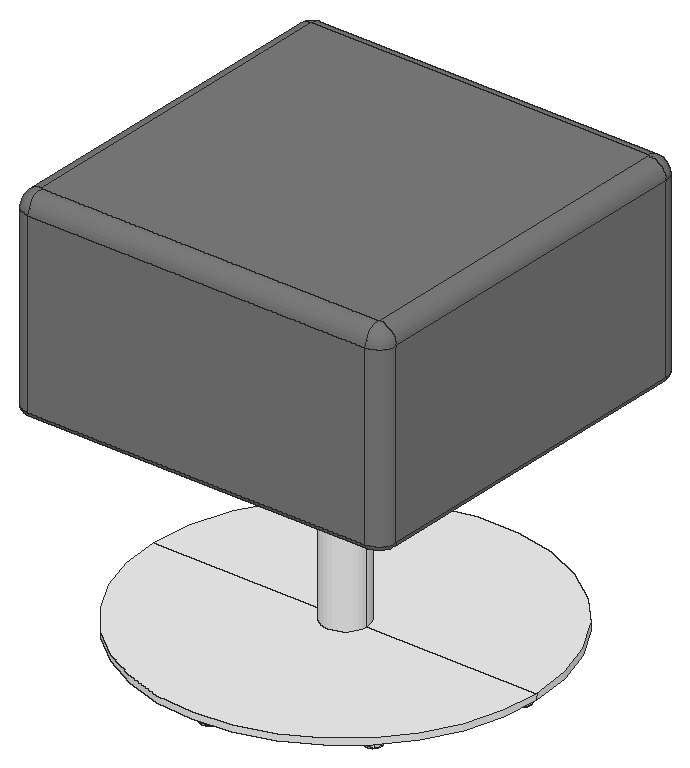
Revit family "Ottoman-Soft_Seating-Allermuir-Jaks-JA2", category Furniture, Revit 2012
Parameters (values of type "JA2")
  ecoScorecard_data = "http://thesenatorgroup.ecoscorecard.com/product/JA2"
  ecoScorecard Product Page = "http://products.ecoscorecard.com/allermuir/JA2?action=html"
  White Plastic Back Membrane = no
  Weight = 0.0 lbf
  URL = "http://www.allermuir.net/Default.aspx"
  Thickness = 9 3/256"
  Subcategory = "Soft Seating"  # constant formula
  Specifications URL = "http://www.allermuir.net/Services/File.ashx?Id=4466"
  Plugin Data URL = "http://products.ecoscorecard.com/thesenatorgroup/JA2"
  Bench = Fabric - Allermuir - Silcoates
  Product Page URL = "http://www.allermuir.net/Products.aspx?RangeId=73"
  Product Line = "Jaks"  # constant formula
  Pricing URL = "http://www.allermuir.net/Services/File.ashx?Id=4312"
  Overall Width = 16.92913"
  Overall Height = 18 29/32"
  Overall Depth = 16.92913"
  Model = "JA2"  # constant formula
  Manufacturer Phone - Toll Free = "(888) 887 5806"  # constant formula
  Manufacturer Phone = "(419) 887 5806"  # constant formula
  Manufacturer Fax = "(419) 887 5805"  # constant formula
  Manufacturer Email = "mailto:contact@allermuir-na.com"
  Manufacturer Address = "1630 Holland Road, Maumee, Ohio 43537 "  # constant formula
  Manufacturer = "Allermuir"
  Leg Base = Metal - Allermuir - Chrome - Polished
  LEED Stats URL = "http://www.allermuir.net/Services/File.ashx?Id=4417"
  Fabric Spec Sheets = "http://www.allermuir.net/Services/File.ashx?Type=B&Id=51"
  Description = ""
  Color Availability = "See price list for material options"
  CAD Blocks URL = "http://www.allermuir.net/Services/File.ashx?Id=4528"
  Brochure URL = "http://www.allermuir.net/Services/File.ashx?Id=4354"
  Base = Metal - Allermuir - Chrome - Polished
  Assembly Code = "E2020200"
  95 CSI = "12510"  # constant formula
  04 CSI = "12 51 00"  # constant formula
Reference planes (in)
  plane 1 "Center Front/Back": y = 0
  plane 2: z = 0
  plane 3 "Center Left/Right": x = 0
  plane 4: y = 8.46457
  plane 5: y = -8.46457
  plane 6: x = -8.46457
  plane 7: x = 8.46457
  plane 8: z = 18.90625
  plane 9: z = 9.89453
Dimensions and locks (in)
  equal spacing: plane 6, plane 3 "Center Left/Right", plane 7
  "Overall Width": plane 6 to plane 7
  "Overall Height": plane 8 to level
  "Thickness": plane 8 to plane 9
  equal spacing: plane 4, plane 1 "Center Front/Back", plane 5
  "Overall Depth": plane 5 to plane 4
  aligned and locked: plane 3 "Center Left/Right" to nested 1
  aligned and locked: plane 1 "Center Front/Back" to nested 1
Nested families (in)
  nested 1: "JA2" at (0, 0, 0), type "JA2"
Definition of nested family "JA2"
  Parameters (values of type "JA2")
    Width = 16.92913"
    Table Thickness = 9 3/256"
    Leg Base = Fabric - Allermuir - Upholstery - Lola - Smooth - Black
    JA2_3 = yes
    Base = Metal - Allermuir - Upholstery - Stainless - Brushed
    Height = 18 29/32"
    Depth = 16.92913"
    Default Elevation = 0"
    Table Top = Fabric - Allermuir - Upholstery - Pebbled - Smooth - Dark Gray
    Assembly Code = ""
  Reference planes (in)
    plane 1 "Center Front/Back": y = 0
    plane 2: z = 0
    plane 3 "Center Left/Right": x = 0
    plane 4: x = -8.46457
    plane 5: x = 8.46457
    plane 6: z = 18.90625
    plane 7: y = 8.46457
    plane 8: y = -8.46457
    plane 9: z = 9.89453
  Forms (in)
    Extrusion 1, solid, material "Fabric - Allermuir - Upholstery - Pebbled - Smooth - Dark Gray" <- "Table Top"
      sketch origin (0, 0, 0) x (1, 0, 0) y (0, 1, 0)
        loop
          arc (-7.68493, 8.46457) -> (-8.23622, 8.23622) -> (-8.46457, 7.68493) r 0.77963
          line (-8.46457, 7.68493) -> (-8.46457, -7.68332)
          arc (-8.46457, -7.68332) -> (-8.23574, -8.23574) -> (-7.68332, -8.46457) r 0.78125
          line (-7.68332, -8.46457) -> (7.68332, -8.46457)
          arc (7.68332, -8.46457) -> (8.23574, -8.23574) -> (8.46457, -7.68332) r 0.78125
          line (8.46457, -7.68332) -> (8.46457, 7.68332)
          arc (8.46457, 7.68332) -> (8.23574, 8.23574) -> (7.68332, 8.46457) r 0.78125
          line (7.68332, 8.46457) -> (-7.68493, 8.46457)
      from 9.89453 to 18.90625
    Sweep 2, void
      path in 3D
        loop
          arc (-8.46457, -7.68332, 18.90625) -> (-8.23574, -8.23574, 18.90625) -> (-7.68332, -8.46457, 18.90625) r 0.78125
          line (-7.68332, -8.46457, 18.90625) -> (7.68332, -8.46457, 18.90625)
          arc (7.68332, -8.46457, 18.90625) -> (8.23574, -8.23574, 18.90625) -> (8.46457, -7.68332, 18.90625) r 0.78125
          line (8.46457, -7.68332, 18.90625) -> (8.46457, 7.68332, 18.90625)
          arc (8.46457, 7.68332, 18.90625) -> (8.23574, 8.23574, 18.90625) -> (7.68332, 8.46457, 18.90625) r 0.78125
          line (7.68332, 8.46457, 18.90625) -> (-7.68493, 8.46457, 18.90625)
          arc (-7.68493, 8.46457, 18.90625) -> (-8.23622, 8.23622, 18.90625) -> (-8.46457, 7.68493, 18.90625) r 0.77963
          line (-8.46457, 7.68493, 18.90625) -> (-8.46457, -7.68332, 18.90625)
      profile origin (-8.46457, 0.00081, 18.90625) x (1, 0, 0) y (0, 0, 1)
        loop
          line (0.76562, 0) -> (0, 0) -> (0, -0.76562)
          arc (0, -0.76562) -> (0.22425, -0.22425) -> (0.76562, 0) r 0.76562
    Sweep 3, void
      path in 3D
        loop
          arc (8.46457, -7.68332, 9.89453) -> (8.23574, -8.23574, 9.89453) -> (7.68332, -8.46457, 9.89453) r 0.78125
          line (7.68332, -8.46457, 9.89453) -> (-7.68332, -8.46457, 9.89453)
          arc (-7.68332, -8.46457, 9.89453) -> (-8.23574, -8.23574, 9.89453) -> (-8.46457, -7.68332, 9.89453) r 0.78125
          line (-8.46457, -7.68332, 9.89453) -> (-8.46457, 7.68493, 9.89453)
          arc (-8.46457, 7.68493, 9.89453) -> (-8.23622, 8.23622, 9.89453) -> (-7.68493, 8.46457, 9.89453) r 0.77963
          line (-7.68493, 8.46457, 9.89453) -> (7.68332, 8.46457, 9.89453)
          arc (7.68332, 8.46457, 9.89453) -> (8.23574, 8.23574, 9.89453) -> (8.46457, 7.68332, 9.89453) r 0.78125
          line (8.46457, 7.68332, 9.89453) -> (8.46457, -7.68332, 9.89453)
      profile origin (8.46457, 0, 9.89453) x (-1, 0, 0) y (0, 0, -1)
        loop
          arc (0, -0.19513) -> (0.05715, -0.05715) -> (0.19513, 0) r 0.19513
          line (0.19513, 0) -> (0, 0) -> (0, -0.19513)
    Revolve 4, solid, material "Metal - Allermuir - Upholstery - Stainless - Brushed" <- "Base", visible <- "JA2_3"
      sketch origin (0, 0, -0.03125) x (1, 0, 0) y (0, 0, 1)
        loop
          line (-8.75203, 0.43307) -> (0, 0.43307) -> (0, 9.92578) -> (-4.42913, 9.92578) -> (-4.42913, 9.73323) -> (-0.98425, 9.53132) -> (-0.98425, 0.70866) -> (-8.75203, 0.70866) -> (-8.75203, 0.43307)
        axis (0, 0.43307) -> (0, 9.92578)
      angle from 0 to 360
    Revolve 5, solid, material "Fabric - Allermuir - Upholstery - Lola - Smooth - Black" <- "Leg Base"
      sketch origin (-0.00012, 0.04688, 0) x (0, 1, 0) y (0, 0, 1)
        loop
          line (7.50815, 0.40182) -> (7.55581, 0.07588)
          arc (7.55581, 0.07588) -> (7.58557, 0.0216) -> (7.64358, 0) r 0.08871
          line (7.64358, 0) -> (7.91995, 0) -> (7.91995, 0.40182) -> (7.50815, 0.40182)
        axis (7.91995, 0.40182) -> (7.91995, 0)
      angle from 0 to 360
    Revolve 6, solid, material "Fabric - Allermuir - Upholstery - Lola - Smooth - Black" <- "Leg Base"
      sketch origin (0.06131, 0.09494, 0) x (0.707107, 0.707107, 0) y (0, 0, 1)
        loop
          line (7.50815, 0.40182) -> (7.55581, 0.07588)
          arc (7.55581, 0.07588) -> (7.58557, 0.0216) -> (7.64358, 0) r 0.08871
          line (7.64358, 0) -> (7.91995, 0) -> (7.91995, 0.40182) -> (7.50815, 0.40182)
        axis (7.91995, 0.40182) -> (7.91995, 0)
      angle from 0 to 360
    Revolve 7, solid, material "Fabric - Allermuir - Upholstery - Lola - Smooth - Black" <- "Leg Base"
      sketch origin (0.125, 0.07824, 0) x (1, 0, 0) y (0, 0, 1)
        loop
          line (7.50815, 0.40182) -> (7.55581, 0.07588)
          arc (7.55581, 0.07588) -> (7.58557, 0.0216) -> (7.64358, 0) r 0.08871
          line (7.64358, 0) -> (7.91995, 0) -> (7.91995, 0.40182) -> (7.50815, 0.40182)
        axis (7.91995, 0.40182) -> (7.91995, 0)
      angle from 0 to 360
    Revolve 8, solid, material "Fabric - Allermuir - Upholstery - Lola - Smooth - Black" <- "Leg Base"
      sketch origin (0.15744, 0.01682, 0) x (0.707107, -0.707107, 0) y (0, 0, 1)
        loop
          line (7.50815, 0.40182) -> (7.55581, 0.07588)
          arc (7.55581, 0.07588) -> (7.58557, 0.0216) -> (7.64358, 0) r 0.08871
          line (7.64358, 0) -> (7.91995, 0) -> (7.91995, 0.40182) -> (7.50815, 0.40182)
        axis (7.91995, 0.40182) -> (7.91995, 0)
      angle from 0 to 360
    Revolve 9, solid, material "Fabric - Allermuir - Upholstery - Lola - Smooth - Black" <- "Leg Base"
      sketch origin (0.14074, -0.05469, 0) x (0, -1, 0) y (0, 0, 1)
        loop
          line (7.50815, 0.40182) -> (7.55581, 0.07588)
          arc (7.55581, 0.07588) -> (7.58557, 0.0216) -> (7.64358, 0) r 0.08871
          line (7.64358, 0) -> (7.91995, 0) -> (7.91995, 0.40182) -> (7.50815, 0.40182)
        axis (7.91995, 0.40182) -> (7.91995, 0)
      angle from 0 to 360
    Revolve 10, solid, material "Fabric - Allermuir - Upholstery - Lola - Smooth - Black" <- "Leg Base"
      sketch origin (0.07932, -0.09494, 0) x (-0.707107, -0.707107, 0) y (0, 0, 1)
        loop
          line (7.50815, 0.40182) -> (7.55581, 0.07588)
          arc (7.55581, 0.07588) -> (7.58557, 0.0216) -> (7.64358, 0) r 0.08871
          line (7.64358, 0) -> (7.91995, 0) -> (7.91995, 0.40182) -> (7.50815, 0.40182)
        axis (7.91995, 0.40182) -> (7.91995, 0)
      angle from 0 to 360
    Revolve 11, solid, material "Fabric - Allermuir - Upholstery - Lola - Smooth - Black" <- "Leg Base"
      sketch origin (0.01562, -0.07824, 0) x (-1, 0, 0) y (0, 0, 1)
        loop
          line (7.50815, 0.40182) -> (7.55581, 0.07588)
          arc (7.55581, 0.07588) -> (7.58557, 0.0216) -> (7.64358, 0) r 0.08871
          line (7.64358, 0) -> (7.91995, 0) -> (7.91995, 0.40182) -> (7.50815, 0.40182)
        axis (7.91995, 0.40182) -> (7.91995, 0)
      angle from 0 to 360
    Revolve 12, solid, material "Fabric - Allermuir - Upholstery - Lola - Smooth - Black" <- "Leg Base"
      sketch origin (-0.01682, -0.01682, 0) x (-0.707107, 0.707107, 0) y (0, 0, 1)
        loop
          line (7.50815, 0.40182) -> (7.55581, 0.07588)
          arc (7.55581, 0.07588) -> (7.58557, 0.0216) -> (7.64358, 0) r 0.08871
          line (7.64358, 0) -> (7.91995, 0) -> (7.91995, 0.40182) -> (7.50815, 0.40182)
        axis (7.91995, 0.40182) -> (7.91995, 0)
      angle from 0 to 360
  Cuts and joins
    Sweep 2, Sweep 3 cuts Extrusion 1
  Lines and regions (in)
    sketch lines
      curve 1: line (-8.46457, 7.68493, 18.90625) -> (-8.46457, -7.68332, 18.90625)
      curve 2: arc (-7.68332, -8.46457, 18.90625) -> (-8.23574, -8.23574, 18.90625) -> (-8.46457, -7.68332, 18.90625) r 0.78125
      curve 3: line (-7.68332, -8.46457, 18.90625) -> (7.68332, -8.46457, 18.90625)
      curve 4: arc (8.46457, -7.68332, 18.90625) -> (8.23574, -8.23574, 18.90625) -> (7.68332, -8.46457, 18.90625) r 0.78125
      curve 5: line (8.46457, -7.68332, 18.90625) -> (8.46457, 7.68332, 18.90625)
      curve 6: line (7.68332, 8.46457, 18.90625) -> (-7.68493, 8.46457, 18.90625)
      curve 7: arc (-8.46457, 7.68493, 18.90625) -> (-8.23622, 8.23622, 18.90625) -> (-7.68493, 8.46457, 18.90625) r 0.77963
      curve 8: arc (7.68332, 8.46457, 18.90625) -> (8.23574, 8.23574, 18.90625) -> (8.46457, 7.68332, 18.90625) r 0.78125
      curve 9: line (8.46457, 7.68332, 9.89453) -> (8.46457, -7.68332, 9.89453)
      curve 10: arc (7.68332, -8.46457, 9.89453) -> (8.23574, -8.23574, 9.89453) -> (8.46457, -7.68332, 9.89453) r 0.78125
      curve 11: line (7.68332, -8.46457, 9.89453) -> (-7.68332, -8.46457, 9.89453)
      curve 12: arc (-8.46457, -7.68332, 9.89453) -> (-8.23574, -8.23574, 9.89453) -> (-7.68332, -8.46457, 9.89453) r 0.78125
      curve 13: line (-8.46457, -7.68332, 9.89453) -> (-8.46457, 7.68493, 9.89453)
      curve 14: arc (8.46457, 7.68332, 9.89453) -> (8.23574, 8.23574, 9.89453) -> (7.68332, 8.46457, 9.89453) r 0.78125
      curve 15: line (-7.68493, 8.46457, 9.89453) -> (7.68332, 8.46457, 9.89453)
      curve 16: arc (-7.68493, 8.46457, 9.89453) -> (-8.23622, 8.23622, 9.89453) -> (-8.46457, 7.68493, 9.89453) r 0.77963
    symbolic lines, style "Table Top"
      curve 17: line (-7.68332, 8.46457, 0) -> (7.68332, 8.46457, 0)
      curve 18: line (-8.46457, 7.68332, 0) -> (-8.46457, -7.68332, 0)
      curve 19: line (-7.68332, -8.46457, 0) -> (7.68315, -8.46457, 0)
      curve 20: line (8.46457, 7.68332, 0) -> (8.46457, -7.68315, 0)
      curve 21: arc (7.68315, -8.46457, 0) -> (8.23569, -8.23569, 0) -> (8.46457, -7.68315, 0) r 0.78142
      curve 22: arc (7.68332, 8.46457, 0) -> (8.23574, 8.23574, 0) -> (8.46457, 7.68332, 0) r 0.78125
      curve 23: arc (-7.68332, 8.46457, 0) -> (-8.23574, 8.23574, 0) -> (-8.46457, 7.68332, 0) r 0.78125
      curve 24: arc (-7.68332, -8.46457, 0) -> (-8.23574, -8.23574, 0) -> (-8.46457, -7.68332, 0) r 0.78125
    symbolic lines, style "Base"
      curve 25: arc (-8.46457, -2.2552, 0) -> (-8.75984, 0, 0) -> (-8.46457, 2.2552, 0) r 8.75984
      curve 26: arc (2.2552, -8.46457, 0) -> (0, -8.75984, 0) -> (-2.2552, -8.46457, 0) r 8.75984
      curve 27: arc (8.46457, 2.2552, 0) -> (8.75984, 0, 0) -> (8.46457, -2.2552, 0) r 8.75984
      curve 28: arc (-2.2552, 8.46457, 0) -> (0, 8.75984, 0) -> (2.2552, 8.46457, 0) r 8.75984
  Dimensions and locks (in)
    equal spacing: plane 4, plane 3 "Center Left/Right", plane 5
    "Width": plane 4 to plane 5
    "Height": plane 6 to level
    equal spacing: plane 7, plane 1 "Center Front/Back", plane 8
    "Depth": plane 7 to plane 8
    "Table Thickness": plane 6 to plane 9
    aligned and locked: plane 6 to Extrusion 1
    aligned and locked: Extrusion 1 to plane 9
    aligned and locked: Revolve 4 sketch curve to Revolve 4 sketch curve
    aligned and locked: Revolve 4 sketch curve to plane 9
    aligned and locked: Revolve 5 sketch curve to Revolve 5 sketch curve
    aligned and locked: Revolve 6 sketch curve to Revolve 6 sketch curve
    aligned and locked: Revolve 7 sketch curve to Revolve 7 sketch curve
    aligned and locked: Revolve 8 sketch curve to Revolve 8 sketch curve
    aligned and locked: Revolve 9 sketch curve to Revolve 9 sketch curve
    aligned and locked: Revolve 10 sketch curve to Revolve 10 sketch curve
    aligned and locked: Revolve 11 sketch curve to Revolve 11 sketch curve
    aligned and locked: Revolve 12 sketch curve to Revolve 12 sketch curve
  Automatic sketch dimensions
    Extrusion 1 sketch curve to plane 4 = 0"
    Extrusion 1 sketch curve to plane 7 = 0"
    plane 8 to Extrusion 1 sketch curve = 0"
    Extrusion 1 sketch curve to plane 5 = 0"
    plane 4 to Extrusion 1 sketch curve = 0.77963"
    Extrusion 1 sketch curve to Extrusion 1 sketch curve = 25/32"  (x2)
    plane 5 to Extrusion 1 sketch curve = 25/32"
    profile plane to Sweep 2 sketch curve = 0"
    Sweep 2 sketch curve to profile plane = 0"
    Sweep 2 sketch curve to profile plane = 49/64"
    Sweep 3 sketch curve to profile plane = 0"  (x2)
    Sweep 3 sketch curve to profile plane = 0.19513"
    Revolve 5 sketch curve to Revolve 5 sketch curve = 0.04765"
    Revolve 5 sketch curve to Revolve 5 sketch curve = 0.08777"
    Revolve 5 sketch curve to Revolve 5 sketch curve = 0.4118"
    Revolve 5 sketch curve to Revolve 5 sketch curve = 0"
    Revolve 5 sketch curve to Revolve 5 sketch curve = 0.07588"
    Revolve 5 sketch curve to Revolve 5 sketch curve = 0.15182"
    Revolve 5 sketch curve to Revolve 5 sketch curve = 0.32595"
    Revolve 6 sketch curve to Revolve 6 sketch curve = 0.04765"
    Revolve 6 sketch curve to Revolve 6 sketch curve = 0.08777"
    Revolve 6 sketch curve to Revolve 6 sketch curve = 0.4118"
    Revolve 6 sketch curve to Revolve 6 sketch curve = 0"
    Revolve 6 sketch curve to Revolve 6 sketch curve = 0.07588"
    Revolve 6 sketch curve to Revolve 6 sketch curve = 0.15182"
    Revolve 6 sketch curve to Revolve 6 sketch curve = 0.32595"
    Revolve 7 sketch curve to Revolve 7 sketch curve = 0.04765"
    Revolve 7 sketch curve to Revolve 7 sketch curve = 0.08777"
    Revolve 7 sketch curve to Revolve 7 sketch curve = 0.4118"
    Revolve 7 sketch curve to Revolve 7 sketch curve = 0"
    Revolve 7 sketch curve to Revolve 7 sketch curve = 0.07588"
    Revolve 7 sketch curve to Revolve 7 sketch curve = 0.15182"
    Revolve 7 sketch curve to Revolve 7 sketch curve = 0.32595"
    Revolve 8 sketch curve to Revolve 8 sketch curve = 0.04765"
    Revolve 8 sketch curve to Revolve 8 sketch curve = 0.08777"
    Revolve 8 sketch curve to Revolve 8 sketch curve = 0.4118"
    Revolve 8 sketch curve to Revolve 8 sketch curve = 0"
    Revolve 8 sketch curve to Revolve 8 sketch curve = 0.07588"
    Revolve 8 sketch curve to Revolve 8 sketch curve = 0.15182"
    Revolve 8 sketch curve to Revolve 8 sketch curve = 0.32595"
    Revolve 9 sketch curve to Revolve 9 sketch curve = 0.04765"
    Revolve 9 sketch curve to Revolve 9 sketch curve = 0.08777"
    Revolve 9 sketch curve to Revolve 9 sketch curve = 0.4118"
    Revolve 9 sketch curve to Revolve 9 sketch curve = 0"
    Revolve 9 sketch curve to Revolve 9 sketch curve = 0.07588"
    Revolve 9 sketch curve to Revolve 9 sketch curve = 0.15182"
    Revolve 9 sketch curve to Revolve 9 sketch curve = 0.32595"
    Revolve 10 sketch curve to Revolve 10 sketch curve = 0.04765"
    Revolve 10 sketch curve to Revolve 10 sketch curve = 0.08777"
    Revolve 10 sketch curve to Revolve 10 sketch curve = 0.4118"
    Revolve 10 sketch curve to Revolve 10 sketch curve = 0"
    Revolve 10 sketch curve to Revolve 10 sketch curve = 0.07588"
    Revolve 10 sketch curve to Revolve 10 sketch curve = 0.15182"
    Revolve 10 sketch curve to Revolve 10 sketch curve = 0.32595"
    Revolve 11 sketch curve to Revolve 11 sketch curve = 0.04765"
    Revolve 11 sketch curve to Revolve 11 sketch curve = 0.08777"
    Revolve 11 sketch curve to Revolve 11 sketch curve = 0.4118"
    Revolve 11 sketch curve to Revolve 11 sketch curve = 0"
    Revolve 11 sketch curve to Revolve 11 sketch curve = 0.07588"
    Revolve 11 sketch curve to Revolve 11 sketch curve = 0.15182"
    Revolve 11 sketch curve to Revolve 11 sketch curve = 0.32595"
    Revolve 12 sketch curve to Revolve 12 sketch curve = 0.04765"
    Revolve 12 sketch curve to Revolve 12 sketch curve = 0.08777"
    Revolve 12 sketch curve to Revolve 12 sketch curve = 0.4118"
    Revolve 12 sketch curve to Revolve 12 sketch curve = 0"
    Revolve 12 sketch curve to Revolve 12 sketch curve = 0.07588"
    Revolve 12 sketch curve to Revolve 12 sketch curve = 0.15182"
    Revolve 12 sketch curve to Revolve 12 sketch curve = 0.32595"
    Revolve 6 sketch curve to level = 0"
    Revolve 9 sketch curve to level = 0"
    Revolve 9 sketch curve to plane 8 = 0.90172"
    level to Revolve 10 sketch curve = 0"
    Revolve 5 sketch curve to level = 0"
    Revolve 5 sketch curve to plane 7 = 0.90954"
    Revolve 7 sketch curve to level = 0"
    plane 5 to Revolve 7 sketch curve = 0.83141"
    Revolve 8 sketch curve to level = 0"
    Revolve 11 sketch curve to level = 0"
    plane 4 to Revolve 11 sketch curve = 0.97204"
    level to Revolve 12 sketch curve = 0"
    Revolve 4 sketch curve to plane 3 "Center Left/Right" = 0"
    Revolve 4 sketch curve to plane 9 = 0.39447"
    Revolve 4 sketch curve to plane 3 "Center Left/Right" = 0.98425"
    Revolve 4 sketch curve to plane 9 = 0.19255"
    Revolve 4 sketch curve to Revolve 4 sketch curve = 3.44488"
    Revolve 4 sketch curve to plane 4 = 0.28746"
    level to Revolve 4 sketch curve = 3 23/32"
    level to Revolve 4 sketch curve = 0.67741"
    Revolve 4 sketch curve to Revolve 4 sketch curve = 0.27559"
    Revolve 4 sketch curve to level = 1/32"
    curve 25 to curve 26 = 0"
    curve 25 to curve 27 = 0"  (x2)
    curve 25 to curve 28 = 0"  (x2)
    curve 26 to curve 27 = 0"
    curve 25 to plane 4 = 0"
    plane 8 to curve 19 = 0"
    curve 17 to plane 7 = 0"
    plane 1 "Center Front/Back" to curve 28 = 0"
    curve 28 to plane 3 "Center Left/Right" = 0"
    curve 27 to plane 5 = 0"
    plane 4 to curve 19 = 25/32"
    plane 4 to curve 17 = 25/32"
    curve 28 to plane 3 "Center Left/Right" = 2.2552"
    curve 26 to plane 3 "Center Left/Right" = 2.2552"
    plane 5 to curve 19 = 0.78142"
    curve 22 to curve 22 = 25/32"
    plane 1 "Center Front/Back" to curve 25 = 2.2552"
    plane 1 "Center Front/Back" to curve 27 = 2.2552"
